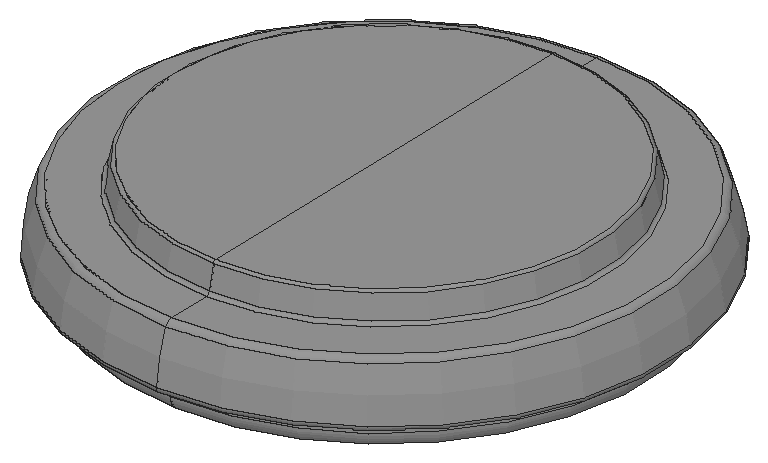
Revit family "FMK11_63_UN_Surface-mounted_ETK", category Lighting Fixtures, Revit 2017 (continued)
Definition of nested family "FMK.1 - Lightsource"
  Types (13, lengths in mm): name | Wattage Comments | Photometric Web File | built-in parameter 1150142 | Apparent Load
      405.3384\t405.5595\t405.017\t403.9123\t402.4111\t400.3595\t397.8451\t394.7084\t391.0909\t387.0552\r\n382.4227\t377.3501\t371.7125\t365.6289\t359.0797\t352.0101\t344.5153\t336.5336\t328.0834\t319.186\r\n310.0492\t300.3991\t290.6808\t280.0535\t269.1382\t257.6606\t245.9715\t234.0356\t221.994\t209.6474\r\n197.1639\t184.5242\t171.8904\t158.2648\t144.4077\t130.6839\t117.093\t103.3426\t89.5213\t76.4321\r\n62.9064\t50.3095\t38.9022\t28.6824\t0\t0\r\n405.3384\t405.5619\t405.0308\t404.1037\t402.4481\t400.3826\t397.8529\t394.7029\t391.0716\t386.9514\r\n382.295\t377.2986\t371.6562\t365.6032\t359.0556\t351.9937\t344.5103\t336.584\t328.1776\t319.3532\r\n310.0974\t300.3356\t290.3174\t279.8488\t269.1115\t258.1537\t246.5385\t234.5863\t222.1937\t209.6472\r\n196.9332\t184.0086\t170.9271\t157.807\t144.7993\t131.1715\t116.9912\t103.0076\t89.4388\t75.7848\r\n62.8691\t50.2334\t38.592\t27.1196\t0\t0\r\n405.3384\t405.5633\t405.0407\t404.1312\t402.6392\t400.4187\t397.881\t394.7292\t391.0895\t386.9644\r\n382.2746\t377.1648\t371.4996\t365.4693\t358.9878\t351.9131\t344.4464\t336.5353\t328.1318\t319.3478\r\n310.1011\t300.4485\t290.394\t279.9618\t269.1603\t257.9107\t246.3524\t234.5985\t222.4284\t210.1088\r\n197.3969\t184.1969\t170.8703\t157.4428\t143.9608\t130.43\t116.9468\t103.5478\t89.3098\t75.5778\r\n62.4619\t50.0702\t38.7502\t24.5387\t1.901\t0\r\n405.3384\t405.5636\t405.0466\t404.1492\t402.6681\t400.5955\t398.0664\t394.9307\t391.1454\t387.0248\r\n382.3139\t377.1828\t371.4901\t365.4554\t358.8567\t351.7264\t344.248\t336.3296\t327.9212\t319.2201\r\n309.9694\t300.3191\t290.2888\t279.8993\t269.135\t258.007\t246.5323\t234.736\t222.5462\t210.0919\r\n197.3723\t184.3271\t171.1345\t157.7225\t144.2137\t130.4595\t116.5463\t102.7293\t88.9906\t75.6756\r\n62.4842\t49.7099\t38.4108\t19.5388\t9.0852\t0\r\n405.3384\t405.5627\t405.0483\t404.1575\t402.6822\t400.6129\t398.0939\t394.9827\t391.3659\t387.2691\r\n382.55\t377.4142\t371.7081\t365.686\t358.9237\t351.7483\t344.2571\t336.3046\t327.8656\t319.0519\r\n309.7319\t300.073\t290.0393\t279.6352\t268.8689\t257.7186\t246.2608\t234.4573\t222.2884\t210.0107\r\n197.2602\t184.3582\t171.2221\t157.8358\t144.2992\t130.7043\t116.8944\t103.0094\t89.1137\t75.4482\r\n62.0725\t49.5077\t38.5681\t16.4085\t6.3848\t0\r\n405.3384\t405.5608\t405.0458\t404.1562\t402.6815\t400.6096\t398.0931\t394.9913\t391.3746\t387.2895\r\n382.5726\t377.4458\t371.7456\t365.7409\t359.116\t351.9176\t344.4382\t336.4672\t328.028\t319.2025\r\n309.8386\t300.1705\t290.1395\t279.7338\t268.942\t257.7639\t246.2815\t234.4244\t222.1929\t209.9028\r\n196.969\t184.0235\t170.8906\t157.4183\t143.9226\t130.2982\t116.5333\t102.7217\t88.9801\t75.3324\r\n62.0708\t49.4881\t37.8886\t16.6443\t6.3206\t4.5649\r\n405.3384\t405.5579\t405.0392\t404.1453\t402.6658\t400.5861\t398.064\t394.9565\t391.3223\t387.2272\r\n382.4989\t377.367\t371.656\t365.6345\t358.8616\t351.6754\t344.1767\t336.2087\t327.7721\t318.9511\r\n309.6246\t299.9461\t289.9153\t279.5013\t268.7141\t257.5244\t246.0492\t234.2476\t222.0584\t209.8057\r\n197.0631\t184.1389\t170.9819\t157.6062\t144.0805\t130.4305\t116.7655\t102.8872\t88.9857\t75.3165\r\n61.9974\t49.5022\t38.5004\t19.5133\t10.1573\t0\r\n405.3384\t405.5537\t405.0285\t404.1246\t402.6354\t400.5421\t398.006\t394.879\t391.057\t386.9398\r\n382.2102\t377.0886\t371.3854\t365.3521\t358.7336\t351.5762\t344.0881\t336.1427\t327.7345\t319.0228\r\n309.7484\t300.0828\t290.0448\t279.6173\t268.8275\t257.6208\t246.1171\t234.3028\t222.0743\t209.66\r\n196.8854\t183.8167\t170.5486\t157.0989\t143.5804\t129.9288\t116.1512\t102.4281\t88.8066\t75.5773\r\n62.493\t49.7093\t38.2595\t25.0307\t14.9589\t0\r\n405.3384\t405.5487\t405.0137\t404.0945\t402.5903\t400.3393\t397.7919\t394.6519\t390.9587\t386.8388\r\n382.1207\t377.0237\t371.3413\t365.3181\t358.8128\t351.6794\t344.2118\t336.2599\t327.8486\t319.0383\r\n309.7477\t300.0564\t289.9668\t279.4805\t268.6528\t257.2839\t245.7289\t233.9178\t221.7092\t209.3665\r\n196.5454\t183.3687\t170.0181\t156.5779\t143.1684\t129.7197\t116.3848\t103.1589\t88.9988\t75.3396\r\n62.3046\t50.0937\t38.8254\t28.0997\t2.873\t0\r\n405.3384\t405.5424\t404.9947\t404.055\t402.3835\t400.2776\t397.7298\t394.604\t390.8997\t386.7863\r\n382.0919\t377.1147\t371.4463\t365.407\t358.8101\t351.6735\t344.1847\t336.2129\t327.7678\t318.9134\r\n309.5687\t299.7567\t289.6031\t279.1338\t268.3599\t257.1899\t245.6509\t233.7994\t221.2737\t208.667\r\n195.8953\t182.9771\t169.8766\t156.7282\t143.8338\t130.2381\t116.1827\t102.4101\t88.9484\t75.4168\r\n62.7296\t50.3091\t39.1414\t29.704\t0\t0\r\n405.3384\t405.5351\t404.9716\t403.8532\t402.3311\t400.2301\t397.6855\t394.5908\t390.8787\t386.8617\r\n382.175\t377.112\t371.4367\t365.3594\t358.743\t351.6058\t344.0956\t336.0642\t327.5154\t318.5932\r\n309.2834\t299.6126\t289.6216\t279.1214\t268.1429\t256.518\t244.9018\t233.0679\t220.8676\t208.4546\r\n195.9224\t183.2678\t170.6349\t156.9081\t143.1149\t129.4264\t115.9638\t102.4748\t88.9243\t76.0325\r\n62.7599\t50.5163\t39.7576\t30.4051\t0\t0\r\n405.3384\t405.5268\t404.9446\t403.805\t402.2873\t400.1964\t397.6585\t394.6138\t390.9631\t386.846\r\n382.1518\t377.0764\t371.382\t365.2552\t358.5991\t351.4668\t343.8615\t335.8105\t327.4306\t318.7174\r\n309.3728\t299.5147\t288.9811\t278.3636\t267.4085\t256.1152\t244.6556\t232.9217\t220.9954\t208.7993\r\n196.6284\t183.2571\t169.7766\t156.2175\t142.8009\t129.5874\t115.8561\t102.4694\t89.5373\t75.801\r\n62.8374\t50.9146\t40.2047\t6.0894\t0\t0\r\n405.3384\t405.5175\t404.9137\t403.7611\t402.2519\t400.1761\t397.6486\t394.7553\t390.9488\t386.789\r\n382.1121\t377.0119\t371.2861\t365.1175\t358.3294\t351.2537\t343.813\t335.977\t327.5604\t318.4278\r\n308.6974\t298.7546\t288.5068\t277.9956\t267.1616\t256.1159\t244.8144\t233.2945\t221.7169\t208.8064\r\n195.7188\t182.5554\t169.3922\t156.2082\t142.9406\t129.1804\t115.9091\t102.9762\t89.1253\t75.8369\r\n63.1021\t51.3207\t40.5082\t0\t0\t0\r\n405.3384\t405.5071\t404.732\t403.7215\t402.2248\t400.1686\t397.7338\t394.8479\t390.8965\t386.7357\r\n382.0539\t376.9054\t371.1484\t364.8842\t358.2241\t351.4508\t343.9783\t335.7216\t326.8896\t317.6788\r\n308.2461\t298.3973\t288.3086\t277.939\t267.2925\t256.4485\t245.5245\t233.6216\t220.7985\t208.0817\r\n195.2276\t182.3754\t169.6036\t156.0708\t142.5048\t129.2499\t116.3261\t102.426\t89.0803\t75.9582\r\n63.4055\t51.6359\t45.2068\t0\t0\t0\r\n405.3384\t405.4958\t404.7008\t403.6862\t402.2055\t400.2642\t397.7241\t394.865\t390.8568\t386.6659\r\n381.976\t376.6726\t370.9429\t364.8366\t358.4087\t351.334\t343.5563\t334.9914\t326.3919\t317.3169\r\n308.0073\t298.2976\t288.3747\t278.1618\t267.7576\t257.0033\t244.8286\t232.6273\t220.2623\t207.8032\r\n195.2499\t182.6548\t169.1292\t155.7437\t142.619\t129.6789\t115.7028\t102.2394\t89.062\t76.0071\r\n63.5996\t51.8486\t11.6838\t0\t0\t0\r\n405.3384\t405.4834\t404.6711\t403.6553\t402.1936\t400.258\t397.6979\t394.8548\t390.809\t386.5801\r\n381.7953\t376.5628\t370.9021\t365.0558\t358.2517\t350.708\t342.8497\t334.6091\t326.0741\t317.1853\r\n307.9783\t298.4528\t288.6922\t278.8691\t267.9516\t256.0449\t244.1901\t232.1682\t220.074\t207.8676\r\n195.4583\t182.0264\t168.8523\t155.8456\t142.9997\t129.0282\t115.4645\t102.3448\t88.8812\t76.0111\r\n63.697\t51.9403\t0\t0\t0\t0\r\n405.3384\t405.4702\t404.6431\t403.6287\t402.2832\t400.2467\t397.6616\t394.8126\t390.7531\t386.4813\r\n381.7031\t376.5033\t371.0899\t364.866\t357.6417\t350.2384\t342.4952\t334.4178\t325.9215\t317.2094\r\n308.1434\t298.8419\t289.3001\t278.281\t266.9656\t255.5234\t243.8676\t232.0908\t220.4035\t207.9609\r\n194.7531\t181.8051\t168.927\t156.2326\t142.3126\t128.7065\t115.4865\t101.9757\t88.7309\t76.0048\r\n63.7421\t56.6766\t0\t0\t0\t0\r\n405.3384\t405.4561\t404.6167\t403.6076\t402.2769\t400.2274\t397.6166\t394.7349\t390.6867\t386.33\r\n381.656\t376.7279\t370.9169\t364.2502\t357.2389\t349.8681\t342.264\t334.3087\t325.9477\t317.3662\r\n308.4811\t299.3487\t288.5326\t277.6229\t266.5022\t255.2499\t243.8518\t232.5118\t220.0293\t207.2658\r\n194.5118\t181.8749\t169.3599\t155.551\t141.9034\t128.5853\t115.2093\t101.7082\t88.6305\t75.9892\r\n63.7506\t34.8823\t0\t0\t0\t0\r\n405.3384\t405.441\t404.5919\t403.5925\t402.2647\t400.2005\t397.5636\t394.6195\t390.511\t386.2918\r\n381.8682\t376.6329\t370.3868\t363.8318\t356.9304\t349.652\t342.1589\t334.2951\t326.1382\t317.7058\r\n308.9338\t298.5236\t287.9506\t277.1892\t266.2979\t255.2333\t244.3108\t232.0843\t219.5682\t206.9936\r\n194.5653\t182.2533\t168.7385\t155.1122\t141.7148\t128.5532\t114.8199\t101.4796\t88.5326\t75.9589\r\n63.7436\t0\t0\t0\t0\t0\r\n405.3384\t405.4251\t404.5685\t403.5817\t402.2465\t400.1668\t397.508\t394.4112\t390.4413\t386.2913\r\n381.8067\t376.4311\t370.0062\t363.505\t356.7156\t349.5603\t342.1638\t334.4401\t326.4674\t318.1326\r\n308.1103\t297.9214\t287.5762\t277.012\t266.3002\t255.6656\t243.832\t231.5923\t219.2864\t207.014\r\n194.9442\t181.7689\t168.1866\t154.8828\t141.8181\t128.0517\t114.4929\t101.2468\t88.4031\t75.8633\r\n69.485\t0\t0\t0\t0\t0\r\n405.3384\t405.2485\t404.5335\t403.6645\t402.2224\t400.1255\t397.475\t394.1709\t390.3989\t386.5385\r\n381.6223\t375.8443\t369.6864\t363.2614\t356.5777\t349.5494\t342.2587\t334.7322\t326.9154\t317.3685\r\n307.5367\t297.5489\t287.3558\t277.0195\t266.7127\t255.5088\t243.294\t231.2722\t219.2355\t207.2358\r\n194.7953\t181.1626\t167.9131\t154.7557\t141.4371\t127.7042\t114.2298\t101.0851\t88.2593\t75.7374\r\n52.566\t0\t0\t0\t0\t0\r\n405.3384\t405.2313\t404.5149\t403.6585\t402.1924\t400.0874\t397.4062\t394.0524\t390.3827\t386.4783\r\n381.347\t375.4965\t369.4174\t363.101\t356.5087\t349.625\t342.4702\t335.2626\t326.2434\t316.8153\r\n307.1624\t297.3178\t287.3215\t277.1874\t266.6991\t254.7569\t242.9726\t231.1253\t219.3601\t207.4539\r\n194.0571\t180.8106\t167.6988\t154.8237\t140.9526\t127.3463\t114.024\t100.9381\t88.1442\t75.6199\r\n8.3292\t0\t0\t0\t0\t0\r\n405.3384\t405.2143\t404.4979\t403.65\t402.1564\t400.0372\t397.3255\t393.9625\t390.6129\t386.3063\r\n380.8286\t375.1745\t369.2361\t363.0129\t356.5201\t349.7807\t343.0483\t335.0507\t325.7043\t316.3858\r\n306.914\t297.2339\t287.4377\t277.4576\t265.9553\t254.3844\t242.7811\t231.1938\t219.6917\t206.6946\r\n193.5598\t180.5774\t167.6861\t154.2617\t140.5223\t127.0588\t113.7914\t100.7972\t88.0366\t83.4326\r\n0\t0\t0\t0\t0\t0\r\n405.3384\t405.1978\t404.4825\t403.6384\t402.0911\t399.9817\t397.1408\t393.8852\t390.547\t386.0015\r\n380.5505\t374.9336\t369.1354\t362.9788\t356.6063\t350.0031\t343.0514\t334.2028\t325.2569\t316.0815\r\n306.771\t297.3248\t287.8218\t276.8308\t265.4808\t254.1562\t242.7619\t231.3645\t219.1669\t206.151\r\n193.2513\t180.4127\t167.6455\t153.7701\t140.1673\t126.7721\t113.5971\t100.6559\t87.9035\t73.2104\r\n0\t0\t0\t0\t0\t0\r\n405.3384\t405.1816\t404.4685\t403.6236\t402.0462\t399.9218\t397.0406\t393.8449\t390.4197\t385.4588\r\n380.303\t374.7523\t369.0481\t362.9941\t356.7556\t350.4899\t342.3766\t333.7323\t324.91\t315.93\r\n306.7423\t297.7012\t287.638\t276.3403\t265.2041\t254.0066\t242.8588\t231.5472\t218.5675\t205.791\r\n193.0312\t180.5339\t166.992\t153.2951\t139.8329\t126.5198\t113.4096\t100.488\t87.7644\t50.183\r\n0\t0\t0\t0\t0\t0\r\n405.3384\t405.1658\t404.4556\t403.605\t402.0047\t399.8587\t396.9678\t394.0484\t390.2485\t385.1764\r\n380.0833\t374.6292\t368.9744\t363.0772\t356.9562\t350.3807\t341.8775\t333.354\t324.6587\t315.8276\r\n306.8408\t297.6991\t286.865\t275.9921\t265.0466\t254.0282\t243.181\t230.8144\t218.1129\t205.4704\r\n192.95\t180.3241\t166.4787\t152.9016\t139.4897\t126.2465\t113.2069\t100.3244\t87.5932\t7.0091\r\n0\t0\t0\t0\t0\t0\r\n405.3384\t405.1736\t404.4436\t403.5723\t401.9608\t399.8075\t396.909\t394.0477\t390.0041\t384.9479\r\n379.8834\t374.551\t368.9703\t363.21\t357.4063\t349.6805\t341.4574\t333.0643\t324.521\t315.8139\r\n307.234\t297.0694\t286.4243\t275.712\t264.9568\t254.1683\t243.0001\t230.2308\t217.7563\t205.2779\r\n193.0318\t179.6139\t166.0256\t152.5274\t139.1851\t126.0071\t112.9942\t100.1243\t93.9816\t0\r\n0\t0\t0\t0\t0\t0\r\n405.3384\t405.1582\t404.4323\t403.5458\t401.9186\t399.7372\t396.864\t393.9692\t389.4676\t384.7303\r\n379.7002\t374.4837\t369.0179\t363.3474\t357.309\t349.2254\t341.1152\t332.8524\t324.4403\t315.899\r\n307.1158\t296.6023\t286.0655\t275.5201\t264.9227\t254.484\t242.2719\t229.8418\t217.4461\t205.1551\r\n192.8003\t179.0668\t165.548\t152.1467\t138.9029\t125.7703\t112.7705\t99.923\t81.4643\t0\r\n0\t0\t0\t0\t0\t0\r\n405.3384\t405.1427\t404.4215\t403.5172\t401.8789\t399.5738\t396.8307\t393.84\t389.2108\t384.5347\r\n379.5711\t374.4387\t369.0911\t363.8155\t356.9853\t348.8325\t340.836\t332.7132\t324.4347\t316.2659\r\n306.469\t296.1791\t285.8331\t275.4029\t264.9879\t254.1807\t241.7605\t229.4924\t217.282\t205.2627\r\n192.1131\t178.5645\t165.1154\t151.7836\t138.585\t125.5095\t112.5563\t99.7128\t60.9146\t0\r\n0\t0\t0\t0\t0\t0\r\n405.3384\t405.1268\t404.411\t403.4869\t401.8689\t399.5039\t396.8145\t393.6447\t388.9954\t384.3538\r\n379.4857\t374.4179\t369.1782\t363.8193\t356.2567\t348.5043\t340.6114\t332.606\t324.4985\t316.1813\r\n306.0112\t295.8319\t285.6355\t275.3934\t265.2495\t253.4097\t241.2878\t229.2124\t217.1097\t205.0994\r\n191.5675\t178.0818\t164.7012\t151.456\t138.2911\t125.2321\t112.3059\t99.4762\t16.2983\t0\r\n0\t0\t0\t0\t0\t0\r\n405.3384\t405.1108\t404.4903\t403.4555\t401.8237\t399.4103\t397.0305\t393.4442\t388.8336\t384.1754\r\n379.4075\t374.43\t369.2737\t363.6191\t355.8892\t348.234\t340.4491\t332.5491\t324.8276\t315.8567\r\n305.6102\t295.5819\t285.4934\t275.413\t265.0581\t252.9031\t240.9149\t228.9525\t217.0191\t204.6975\r\n191.0128\t177.6397\t164.3329\t151.1167\t137.9969\t124.9687\t112.062\t107.5917\t0.7007\t0\r\n0\t0\t0\t0\t0\t0\r\n405.3384\t405.0944\t404.4708\t403.4232\t401.771\t399.3535\t397.0169\t393.0022\t388.6496\t384.0408\r\n379.3374\t374.4627\t369.6852\t362.9627\t355.5698\t348.0061\t340.3388\t332.5584\t324.7942\t315.1398\r\n305.2951\t295.3698\t285.4247\t275.6825\t264.3367\t252.5037\t240.6145\t228.7679\t217.1002\t203.9238\r\n190.5367\t177.2097\t163.9532\t150.792\t137.717\t124.7302\t111.8063\t98.8725\t0\t0\r\n0\t0\t0\t0\t0\t0\r\n405.3384\t405.0776\t404.4545\t403.3908\t401.7101\t399.3099\t396.9567\t392.7976\t388.4495\t383.9609\r\n379.2847\t374.4998\t369.6843\t362.5741\t355.27\t347.8284\t340.249\t332.6102\t324.5858\t314.7295\r\n304.9935\t295.2193\t285.3785\t275.5735\t263.8563\t252.1042\t240.3755\t228.643\t216.8475\t203.3823\r\n190.0477\t176.7881\t163.6007\t150.4803\t137.4402\t124.4543\t111.5517\t85.0694\t0\t0\r\n0\t0\t0\t0\t0\t0\r\n405.3384\t405.0604\t404.4375\t403.3708\t401.6143\t399.2784\t396.8678\t392.6205\t388.286\t383.8712\r\n379.2482\t374.5384\t369.5416\t362.2694\t354.9882\t347.6747\t340.2311\t332.9204\t323.9709\t314.3815\r\n304.7666\t295.0886\t285.3921\t275.2484\t263.399\t251.7743\t240.1515\t228.5226\t216.4169\t202.8894\r\n189.6152\t176.4056\t163.2526\t150.1706\t137.1488\t124.1833\t111.2847\t67.3012\t0\t0\r\n0\t0\t0\t0\t0\t0\r\n405.3384\t405.0427\t404.4198\t403.3318\t401.5423\t399.2809\t396.7363\t392.489\t388.1443\t383.7593\r\n379.2585\t374.6007\t369.2833\t361.9708\t354.796\t347.5124\t340.2151\t332.8981\t323.5654\t314.0775\r\n304.5571\t295.0196\t285.6448\t274.5513\t263.0117\t251.4537\t239.942\t228.6113\t215.6596\t202.3901\r\n189.1856\t176.0419\t162.932\t149.883\t136.8857\t123.9284\t122.8764\t24.0819\t0\t0\r\n0\t0\t0\t0\t0\t0\r\n405.3384\t405.0244\t404.402\t403.293\t401.4733\t399.2445\t396.6121\t392.3366\t388.0271\t383.6686\r\n379.2507\t374.9702\t368.6448\t361.6732\t354.6081\t347.4237\t340.1562\t332.7313\t323.2268\t313.8119\r\n304.3844\t294.9379\t285.5233\t274.1363\t262.6612\t251.2131\t239.7592\t228.325\t215.0958\t201.9145\r\n188.7725\t175.6617\t162.5822\t149.5668\t136.5956\t123.6688\t120.5677\t9.957\t0\t0\r\n0\t0\t0\t0\t0\t0\r\n405.3384\t405.0054\t404.384\t403.2512\t401.3208\t399.1951\t396.4819\t392.1762\t387.9514\t383.5908\r\n379.2078\t374.9606\t368.3521\t361.3828\t354.4067\t347.3472\t340.1951\t332.3855\t322.9143\t313.5971\r\n304.2281\t294.8631\t285.2223\t273.7182\t262.3605\t251.0007\t239.6319\t227.9627\t214.5968\t201.4525\r\n188.3381\t175.2686\t162.2411\t149.2486\t136.2977\t123.3792\t114.9625\t0\t0\t0\r\n0\t0\t0\t0\t0\t0\r\n405.3384\t404.9858\t404.3663\t403.2062\t401.2807\t399.3352\t396.3671\t391.9995\t387.8556\t383.5414\r\n379.1954\t374.8369\t368.0781\t361.1669\t354.2081\t347.2392\t340.4601\t331.7946\t322.572\t313.375\r\n304.1344\t294.8515\t284.8364\t273.3137\t262.0496\t250.7828\t239.7394\t227.2719\t214.143\t201.0284\r\n187.957\t174.9188\t161.9031\t148.9358\t135.9942\t123.0935\t106.9167\t0\t0\t0\r\n0\t0\t0\t0\t0\t0\r\n405.3384\t404.9657\t404.3491\t403.137\t401.2259\t399.2718\t396.1988\t391.8626\t387.7249\t383.5318\r\n379.2046\t374.674\t367.8035\t360.9786\t354.0767\t347.1349\t340.3019\t331.4341\t322.3187\t313.1475\r\n303.9869\t295.0203\t284.1943\t272.9865\t261.7665\t250.5691\t239.5527\t226.7795\t213.6915\t200.6354\r\n187.5885\t174.5759\t161.5912\t148.6211\t135.6938\t122.7886\t97.1013\t0\t0\t0\r\n0\t0\t0\t0\t0\t0\r\n405.3384\t404.9447\t404.3643\t403.0908\t401.1696\t399.2115\t395.7381\t391.7602\t387.6137\t383.4745\r\n379.2433\t374.4878\t367.536\t360.7869\t353.9653\t347.0886\t340.1271\t331.0609\t322.0462\t312.9846\r\n303.8666\t294.8288\t283.7883\t272.6681\t261.5277\t250.3816\t239.2929\t226.2978\t213.2501\t200.2267\r\n187.218\t174.2303\t161.2676\t148.3254\t135.4154\t122.514\t86.1249\t0\t0\t0\r\n0\t0\t0\t0\t0\t0\r\n405.3384\t404.9229\t404.3466\t403.048\t401.1114\t399.1739\t395.5625\t391.6161\t387.5292\t383.3775\r\n379.2387\t374.3121\t367.2962\t360.5925\t353.8461\t347.0574\t339.9336\t330.7756\t321.7646\t312.7595\r\n303.7724\t294.6075\t283.4083\t272.337\t261.2567\t250.1906\t238.9891\t225.8589\t212.8415\t199.8294\r\n186.8583\t173.8966\t160.9568\t148.0252\t135.1175\t122.2164\t74.5102\t0\t0\t0\r\n0\t0\t0\t0\t0\t0\r\n405.3384\t404.9005\t404.3255\t403.009\t401.0339\t399.1156\t395.4146\t391.4309\t387.4243\t383.3208\r\n379.4976\t373.7544\t367.1078\t360.4023\t353.7011\t347.0017\t339.7099\t330.5052\t321.5623\t312.5965\r\n303.6305\t294.2656\t283.057\t272.0629\t261.0319\t250.0033\t238.6069\t225.4043\t212.4214\t199.4582\r\n186.5098\t173.5796\t160.6474\t147.7264\t134.8117\t134.8645\t35.7949\t0\t0\t0\r\n0\t0\t0\t0\t0\t0\r\n405.3384\t404.8772\t404.301\t402.9743\t400.978\t399.0523\t395.3086\t391.2952\t387.2858\t383.248\r\n379.4366\t373.4825\t366.884\t360.2677\t353.5976\t347.1681\t339.3917\t330.259\t321.3543\t312.4464\r\n303.5241\t293.9556\t2
